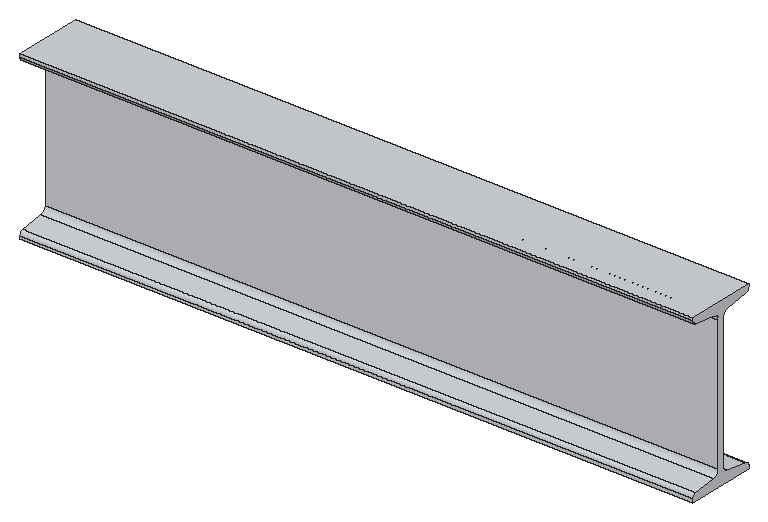
Revit family "StructuralFraming_TaperFlangeISectionProfile", category Structural Framing, Revit 2018
Family settings
  Structural Framing Length Roundoff = 1 mm
  Section Shape = I-shape Sloped Flange
  Material for Model Behavior = Steel
  Always export as geometry = No
  Always vertical = Yes
  Cut with Voids When Loaded = No
  Symbolic Representation = From Project Settings
  Shared = No
  Show family pre-cut in plan views = Yes
Parameters (values of type "IPN300")
  Width = 125 mm
  Web Toe of Fillet = 0 mm
  Web Thickness = 11 mm
  Web Fillet = 11 mm
  Warping Constant = (empty or 0)
  Torsional Moment of Inertia = 0 cm⁴
  Torsional Modulus = 0 cm³
  Structural Material [instance] = none
  Sloped Flange Angle = 7.97°
  Shear Area weak axis = 0.0 cm²
  Shear Area strong axis = 0.0 cm²
  Section Area = 0.0 cm²
  Principal Axes Angle = 0.00°
  Plastic Modulus weak axis = 0 cm³
  Plastic Modulus strong axis = 0 cm³
  Perimeter = (empty or 0)
  Nominal Weight = 0 N/m
  Moment of Inertia weak axis = 0 cm⁴
  Moment of Inertia strong axis = 0 cm⁴
  Height = 300 mm
  Flange Thickness Location = Width / 4  # 31.25 mm
  Flange Thickness = 16 mm
  Flange Fillet = 7 mm
  Elastic Modulus weak axis = 0 cm³
  Elastic Modulus strong axis = 0 cm³
  Clear Web Height = 0 mm
  Centroid Vertical = 0 mm
  Centroid Horizontal = 0 mm
  Bolt Spacing = 0 mm
  built-in parameter 1005539 = (empty or 0)
  Assembly Code = ""
  Length [instance] = 1500 mm
Reference planes
  plane 1 "Center (Front/Back)": y = 0
  plane 2: z = 0
  plane 3 "Center (Left/Right)": x = 4.61
  plane 4 "Member Left": x = -604.99
  plane 5 "Member Right": x = 614.21
  plane 6: y = 62.5
  plane 7: y = -62.5
  plane 8 "Top": z = 150
  plane 9: z = -150
  plane 10 "Left": x = -757.39
  plane 11 "Right": x = 742.61
Forms (mm)
  Sweep 1, solid, material <- "Structural Material", detail levels medium
    path origin (0, 0, 0) x (1, 0, 0) y (0, 1, 0)
      loop
        line (614.21, 0) -> (-604.99, 0)
    profile "IPN-Beams-Profile-Medium : IPN-Beams-Profile-Medium" origin (4.61, 0, 0) x (0, -1, 0) y (0, 0, 1)
      loop
        line (62.5, 138.375) -> (62.5, 150) -> (-62.5, 150) -> (-62.5, 138.375) -> (-31.25, 134) -> (-5.5, 130.395) -> (-5.5, -130.395) -> (-31.25, -134) -> (-62.5, -138.375) -> (-62.5, -150) -> (62.5, -150) -> (62.5, -138.375) -> (31.25, -134) -> (5.5, -130.395) -> (5.5, 130.395) -> (31.25, 134) -> (62.5, 138.375)
  Sweep 2, solid, material <- "Structural Material", detail levels fine
    path origin (0, 0, 0) x (1, 0, 0) y (0, 1, 0)
      loop
        line (614.21, 0) -> (-604.99, 0)
    profile "IPN-Beams-Profile-Fine : IPN-Beams-Profile-Fine" origin (4.61, 0, 0) x (0, -1, 0) y (0, 0, 1)
      loop
        line (62.5, 144.463) -> (62.5, 150) -> (-62.5, 150) -> (-62.5, 144.463)
        arc (-62.5, 144.463) -> (-60.782, 139.87) -> (-56.471, 137.531) r 7
        line (-56.471, 137.531) -> (-31.25, 134) -> (-14.975, 131.721)
        arc (-14.975, 131.721) -> (-8.2, 128.046) -> (-5.5, 120.828) r 11
        line (-5.5, 120.828) -> (-5.5, -120.828)
        arc (-5.5, -120.828) -> (-8.2, -128.046) -> (-14.975, -131.721) r 11
        line (-14.975, -131.721) -> (-31.25, -134) -> (-56.471, -137.531)
        arc (-56.471, -137.531) -> (-60.782, -139.87) -> (-62.5, -144.463) r 7
        line (-62.5, -144.463) -> (-62.5, -150) -> (62.5, -150) -> (62.5, -144.463)
        arc (62.5, -144.463) -> (60.782, -139.87) -> (56.471, -137.531) r 7
        line (56.471, -137.531) -> (31.25, -134) -> (14.975, -131.721)
        arc (14.975, -131.721) -> (8.2, -128.046) -> (5.5, -120.828) r 11
        line (5.5, -120.828) -> (5.5, 120.828)
        arc (5.5, 120.828) -> (8.2, 128.046) -> (14.975, 131.721) r 11
        line (14.975, 131.721) -> (31.25, 134) -> (56.471, 137.531)
        arc (56.471, 137.531) -> (60.782, 139.87) -> (62.5, 144.463) r 7
Lines and regions (mm)
  symbolic lines, style "Hidden Faces", detail levels medium+fine
    curve 1: line (614.21, -5.4, 0) -> (-604.99, -5.4, 0)
    curve 2: line (614.21, 5.4, 0) -> (-604.99, 5.4, 0)
  symbolic lines, style "Stick Symbols", detail levels coarse
    curve 3: line (4.61, 5.5, 150) -> (4.61, -62.5, 150)
    curve 4: line (4.61, -62.5, -150) -> (4.61, 62.5, -150)
    curve 5: line (4.61, 0, 150) -> (4.61, 0, -150)
Dimensions and locks
  "Width": plane 6 to plane 7
  "Height": plane 9 to plane 8 "Top"
  equal spacing: plane 9, plane 2, plane 8 "Top"
  equal spacing: plane 6, plane 1 "Center (Front/Back)", plane 7
  "Length": plane 10 "Left" to plane 11 "Right"
  locked: curve 2 to curve 1 at 10.8
  equal spacing: curve 2, plane 1 "Center (Front/Back)", curve 1
  aligned and locked: Sweep 1 sketch curve to plane 1 "Center (Front/Back)"
  aligned and locked: Sweep 2 sketch curve to plane 1 "Center (Front/Back)"
  aligned and locked: curve 3 to Sweep 2
  aligned and locked: plane 4 "Member Left" to Sweep 1 sketch curve
  aligned and locked: plane 5 "Member Right" to Sweep 1 sketch curve
  aligned and locked: plane 4 "Member Left" to Sweep 2 sketch curve
  aligned and locked: plane 5 "Member Right" to Sweep 2 sketch curve
  aligned and locked: plane 4 "Member Left" to curve 1
  aligned and locked: plane 5 "Member Right" to curve 1
  aligned and locked: plane 4 "Member Left" to curve 2
  aligned and locked: plane 5 "Member Right" to curve 2
Automatic sketch dimensions
  curve 5 to plane 1 "Center (Front/Back)" = 0 mm
  curve 3 to plane 7 = 0 mm
  curve 4 to plane 7 = 0 mm
  curve 4 to plane 6 = 0 mm
  plane 9 to curve 4 = 0 mm
  plane 8 "Top" to curve 5 = 0 mm
